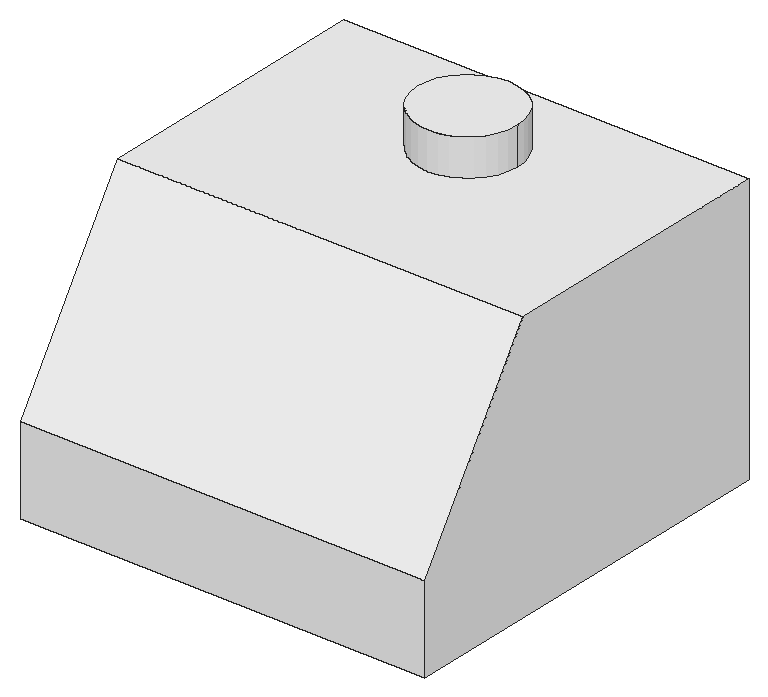
Revit family "v-624_6047k(l)8_k9(-bk)(-bl)_60Hz", category 機械設備, Revit 2019
Family settings
  丸型コネクタ寸法 = 直径を使用
  パーツ タイプ = 標準
  OmniClass 番号 = 23.75.35.17.27
  OmniClass タイトル = Centrifugal Fans
  作業面ベース = いいえ
  常に垂直 = はい
  ロード時にボイドで切り取り = いいえ
  共有 = いいえ
  部屋計算ポイント = いいえ
Parameters (values of type "V-602K9-M")
  騒音レベル(dB(A)) = 35
  風量 = 425.0 m³/h
  電源種別 [instance] = ""
  電圧 = 100 V
  電動機出力 = 0 W
  電動機_種別 = ""
  集中コントローラ = ""
  運転質量 = 0.00 kg
  連動 [instance] = ""
  質量 = if(製品質量 > 運転質量, 製品質量, 運転質量) * 1.2  # 16.80 kg
  負荷分類 = 3_ファン類
  説明 = "レンジフードファン 深形 上幕板なしタイプ"
  設計風量 = 0.0 m³/h
  設置方法 = "天吊"
  記号 [instance] = ""
  製造元 = "三菱電機株式会社"
  製品質量 = 14.00 kg
  製品出荷対象 = "国内"
  製品リリース年月 = "2022年6月1日"
  製品グループ = ""
  系統 [instance] = ""
  符号 = if(☑給気／□排気, "FS", "FE")  # "FE"
  積算_科目 = "2 換気設備"
  積算_拾い区分 [instance] = ""
  相 = 1
  盤記号 [instance] = ""
  発停方法 [instance] = ""
  特殊仕様 [instance] = ""
  火災停止 [instance] = ""
  消費電力 = 56 W
  法定耐用年数 = "15"
  機外静圧_排気 = 210.0 Pa
  機外静圧 = 0.0 Pa
  極数 = 2
  材質 [instance] = ""
  操作・制御方式 = ""
  操作・制御スイッチ = ""
  排気量 = 0.0 m³/h
  形式 = "片吸込形"
  幹線記号 [instance] = ""
  対象室 [instance] = ""
  実風量 = 0.0 m³/h
  始動方式 [instance] = "直入"
  天吊用穴_D_後・上配管 = 255 mm
  天吊用穴_D_右・左配管 = 290 mm
  天吊用穴_ピッチ = 480 mm
  外気量 = 0.0 m³/h
  呼称 = "遠心送風機"
  周波数 = 60 Hz
  参照している仕様書等のバージョン = ""
  分類コード = "50052503100060"
  分類グループ = ""
  価格 = 86900
  企業コード = "108420"
  付属品_フィルター_還気 = ""
  付属品_フィルター = ""
  付属品 [instance] = ""
  仕様書バージョン = "Version1.0"
  モデル = "V-602K9-M"
  マテリアル = 鋼板(白)
  ファンの種類 = ""
  ダクト径 = 150 mm
  コメント [instance] = ""
  Keynote = ""
  Assembly Code = ""
  ☑給気／□排気 = no
  Width = 600 mm
  W1 = Width / 2  # 300 mm
  Version = ""
  Uniclass2015Version = "Systems v1.9"
  Uniclass2015Title = "Centrifugal fans"
  Uniclass2015Code = "Pr_65_67_29_12"
  URL = "https://www.mitsubishielectric.co.jp/ldg/wink/ssl/displayProduct.do?pid=320892"
  SpecificationReference = ""
  SpecificationDescription = ""
  Revision = ""
  ProductInformation = ""
  OmniClassCode = "23-33 31 19 13 15"
  MIN風量 = 285.0 m³/h
  MIN静圧 = 0.0 Pa
  MID風量 = 0.0 m³/h
  MID静圧 = 0.0 Pa
  MAX風量 = 425.0 m³/h
  MAX静圧 = 0.0 Pa
  IfcTypeProduct = ""
  IfcProduct = ""
  IfcExportType = "CENTRIFUGALFORWARDCURVED"
  IfcExportAs = "IfcFanType"
  Height = 400 mm
  H2 = 600 mm
  H1 = 129 mm
  EAサイズ_D = 148 mm
  Duct_Height = 55 mm
  Duct_D = 145 mm
  Depth = 600 mm
  D3 = 55 mm
  D2 = 400 mm
  D1 = 419 mm
  Clearance Top = 0 mm
  Clearance Right = 0 mm
  Clearance Left = 0 mm
  Clearance Front = 0 mm
  Clearance Bottom = 0 mm
  Clearance Back = 0 mm
  Author = "三菱電機株式会社"
Types (2, lengths in mm): name | モデル | マテリアル | URL
  V-602K9-M | "V-602K9-M" | 鋼板(白) | "https://www.mitsubishielectric.co.jp/ldg/wink/ssl/displayProduct.do?pid=320892"
  V-602K9-BK-M | "V-602K9-BK-M" | 鋼板(黒) | "https://www.mitsubishielectric.co.jp/ldg/wink/ssl/displayProduct.do?pid=320891"
Reference planes
  plane 1 "中心(正面/背面)": y = 0
  plane 2: z = 0
  plane 3 "中心(左/右)": x = 0
  plane 4: x = -300
  plane 5: x = 300
  plane 6: y = -600
  plane 7: z = -400
  plane 8: z = -271
  plane 9: z = 55
  plane 10: y = -300
  plane 11: y = -419
  plane 12: y = -145
  plane 13: x = -240
  plane 14: x = 240
  plane 15: y = -255
  plane 16: y = -290
  plane 17: x = -150
  plane 18: x = 150
Forms (mm)
  Extrusion 1, solid, material "鋼板(白)" <- "マテリアル", detail levels fine
    sketch origin (0, 0, 0) x (1, 0, 0) y (0, 1, 0)
      loop
        line (-300, 0) -> (-300, -419) -> (300, -419) -> (300, 0) -> (-300, 0)
    from -400 to 0
  Blend 2, solid, material "鋼板(白)" <- "マテリアル", detail levels fine
    base sketch origin (0, 0, 0) x (1, 0, 0) y (0, 0, 1)
      loop
        line (-300, -400) -> (300, -400) -> (300, 0) -> (-300, 0) -> (-300, -400)
    top sketch origin (0, 0, 0) x (1, 0, 0) y (0, 0, 1)
      loop
        line (-300, -400) -> (300, -400) -> (300, -271) -> (-300, -271) -> (-300, -400)
    from 419 to 600
  Extrusion 3, solid, material "鋼板(白)" <- "マテリアル", detail levels fine
    sketch origin (0, 0, 0) x (1, 0, 0) y (0, 1, 0)
      loop
        circle (0, -145) r 74
    from 0 to 55
Cuts and joins
  joined: Extrusion 1, Blend 2
Lines and regions (mm)
  Masking region 1, detail levels coarse+medium
    outline origin (1326.5, 29, 0) x (1, 0, 0) y (0, 1, 0)
      loop
        line (-1626.5, -29) -> (-1626.5, -629) -> (-1026.5, -629) -> (-1026.5, -29) -> (-1626.5, -29)
  symbolic lines, detail levels coarse+medium
    curve 1: circle (-150, -300, 0) r 150 normal (0, 0, 1)
    curve 2: circle (150, -300, 0) r 150 normal (0, 0, 1)
Dimensions and locks
  equal spacing: plane 4, plane 3 "中心(左/右)", plane 5
  "Width": plane 4 to plane 5
  equal spacing: plane 6, plane 10, plane 1 "中心(正面/背面)"
  "Depth": plane 1 "中心(正面/背面)" to plane 6
  "D1": plane 1 "中心(正面/背面)" to plane 11
  "Duct_D": plane 1 "中心(正面/背面)" to plane 12
  "Height": level to plane 7
  "Duct_Height": plane 9 to level
  "H1": plane 8 to plane 7
  "天吊用穴_ピッチ": plane 13 to plane 14
  equal spacing: plane 13, plane 3 "中心(左/右)", plane 14
  "天吊用穴_D_後・上配管": plane 1 "中心(正面/背面)" to plane 15
  "天吊用穴_D_右・左配管": plane 1 "中心(正面/背面)" to plane 16
  equal spacing: plane 4, plane 17, plane 3 "中心(左/右)"
  equal spacing: plane 3 "中心(左/右)", plane 18, plane 5
  "EAサイズ_D": diameter of Extrusion 3 sketch curve
  "W1": diameter of curve 1
  "W1": diameter of curve 2
  aligned and locked: level to plane 2
  aligned and locked: Masking region 1 to plane 4
  aligned and locked: plane 5 to Masking region 1
  aligned and locked: Masking region 1 to plane 6
  aligned and locked: Masking region 1 to plane 1 "中心(正面/背面)"
  aligned and locked: plane 1 "中心(正面/背面)" to Extrusion 1 sketch curve
  aligned and locked: plane 4 to Extrusion 1 sketch curve
  aligned and locked: plane 11 to Extrusion 1 sketch curve
  aligned and locked: Extrusion 1 sketch curve to plane 5
  aligned and locked: Blend 2 sketch curve to plane 7  (x2)
  aligned and locked: level to Blend 2 sketch curve
  aligned and locked: Blend 2 sketch curve to plane 5
  aligned and locked: Blend 2 sketch curve to plane 4
  aligned and locked: var sketch to Blend 2 sketch curve
  aligned and locked: Extrusion 1 to plane 7
  aligned and locked: level to Extrusion 1
  aligned and locked: Blend 2 to plane 6
  aligned and locked: plane 11 to Blend 2
  aligned and locked: plane 9 to Extrusion 3
  aligned and locked: Extrusion 3 to level
  aligned and locked: plane 8 to Blend 2 sketch curve
  aligned and locked: nested 1 to plane 16
  aligned and locked: plane 15 to nested 1
  aligned and locked: plane 13 to nested 1
  aligned and locked: plane 14 to nested 1
Automatic sketch dimensions
  Masking region 1 sketch curve to plane 4 = 0 mm
  Masking region 1 sketch curve to plane 5 = 0 mm
  Masking region 1 sketch curve to plane 6 = 0 mm
  plane 1 "中心(正面/背面)" to Masking region 1 sketch curve = 0 mm
  Blend 2 sketch curve to plane 4 = 0 mm
  Extrusion 3 sketch curve to plane 3 "中心(左/右)" = 0 mm
  Extrusion 3 sketch curve to plane 12 = 0 mm
  curve 1 to plane 10 = 0 mm
  curve 1 to plane 17 = 0 mm
  curve 2 to plane 10 = 0 mm
  curve 2 to plane 18 = 0 mm
Nested families
  nested 1: "固定点" at (-240, -290, 0), type "固定点"
    with W 480 mm, D 35 mm
Connectors
  hvac at (0, -145, 55), driven by "ダクト径", driven by "機外静圧", driven by "風量"
    settings: on Extrusion 3, index 1, duct flow 425.0 m³/h, flow factor 0, pres drop 0.0 Pa, loss coef 0, conn angle 0.00°, conn width 304.8 mm, conn height 304.8 mm, conn diameter 150 mm, duct sys type 3, conn prof type 0, flow config 0, flow direction 2, loss method 4, conn ref index -1, conn util no, is conn primary yes, conn desc ""
  electrical at (0, -209.5, 0), driven by "極数", driven by "負荷分類", driven by "電圧", driven by "消費電力"
    settings: on cut or joined group of Extrusion 1, Blend 2, index 2, voltage 100 V, apparent load 56 VA, apparent load phase1 0 VA, apparent load phase2 0 VA, apparent load phase3 0 VA, power factor 1, load classification "3_ファン類", number of poles 2, system type 30, power factor state 1, is connector primary yes, connector utility no, sub classification motor no, connector description ""
Definition of nested family "固定点"
  Parameters (values of type "固定点")
    中心円 = 20 mm
    W [instance] = 1000 mm
    D [instance] = 1000 mm
  Reference planes
    plane 1 "中心(正面/背面)": y = 0
    plane 2: z = 0
    plane 3 "中心(左/右)": x = 0
    plane 4: x = 1000
    plane 5: y = 1000
  Lines and regions (mm)
    symbolic lines, detail levels fine
      curve 1: circle (0, 1000, 0) r 10 normal (0, 0, 1)
      curve 2: circle (0, 0, 0) r 10 normal (0, 0, 1)
      curve 3: circle (1000, 1000, 0) r 10 normal (0, 0, 1)
      curve 4: circle (1000, 0, 0) r 10 normal (0, 0, 1)
      curve 5: line (-200, 1000, 0) -> (1200, 1000, 0)
      curve 6: line (-200, 0, 0) -> (1200, 0, 0)
      curve 7: line (0, 1200, 0) -> (0, -200, 0)
      curve 8: line (1000, 1200, 0) -> (1000, -200, 0)
  Dimensions and locks
    "W": plane 3 "中心(左/右)" to plane 4
    "D": plane 1 "中心(正面/背面)" to plane 5
    "中心円": diameter of curve 1
    "中心円": diameter of curve 2
    "中心円": diameter of curve 3
    "中心円": diameter of curve 4
    aligned and locked: level to plane 2
    aligned and locked: plane 5 to curve 1
    aligned and locked: plane 3 "中心(左/右)" to curve 1
    aligned and locked: plane 3 "中心(左/右)" to curve 2
    aligned and locked: plane 1 "中心(正面/背面)" to curve 2
    aligned and locked: plane 4 to curve 3
    aligned and locked: plane 5 to curve 3
    aligned and locked: plane 1 "中心(正面/背面)" to curve 4
    aligned and locked: plane 4 to curve 4
    aligned and locked: plane 1 "中心(正面/背面)" to curve 6
    aligned and locked: curve 7 to plane 3 "中心(左/右)"
    aligned and locked: curve 8 to plane 4
  Automatic sketch dimensions
    curve 5 to plane 5 = 0 mm
    curve 6 to plane 3 "中心(左/右)" = 200 mm
    curve 5 to plane 3 "中心(左/右)" = 200 mm
    curve 4 to curve 6 = 200 mm
    curve 3 to curve 5 = 200 mm
    plane 1 "中心(正面/背面)" to curve 8 = 200 mm
    plane 1 "中心(正面/背面)" to curve 7 = 200 mm
    curve 3 to curve 8 = 200 mm
    curve 1 to curve 7 = 200 mm
